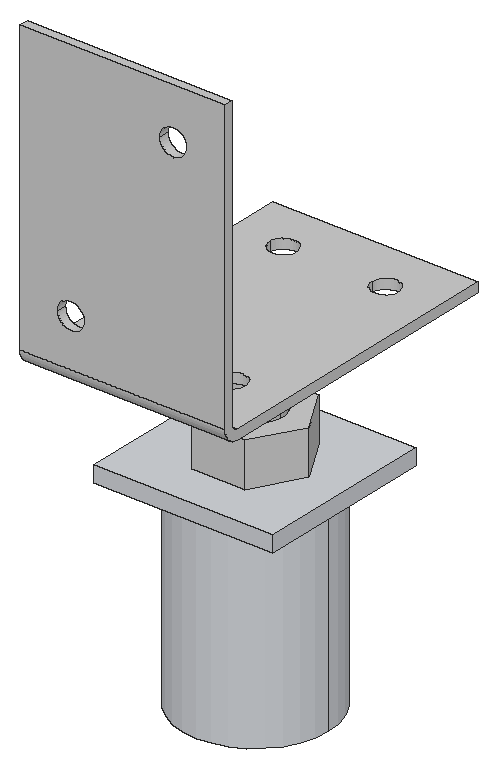
Revit family "Tete ajustable_L", category Modèles génériques, Revit 2017
Family settings
  Peut héberger une armature = Non
  Cote de connecteur circulaire = Utiliser le diamètre
  Type d'élément = Normal
  Basée sur le plan de construction = Oui
  Toujours verticalement = Non
  Couper avec des vides une fois chargée = Non
  Partagée = Non
  Point de calcul de pièce = Non
Parameters
  Default Elevation = 48"
Reference planes (in)
  plane 1 "Centre (avant/arrière)": y = 0
  plane 2: z = 0
  plane 3 "Centre (gauche/droite)": x = 0
Forms (in)
  Extrusion 1, solid, material "Acier"
    sketch origin (2, -11.11198, 8.57542) x (0, 0, 1) y (0, 1, 0)
      loop
        line (-8.76292, 17.11198) -> (-8.76292, 11.23851)
        arc (-8.76292, 11.23851) -> (-8.67094, 11.01646) -> (-8.44889, 10.92448) r 0.31403
        line (-8.44889, 10.92448) -> (-2.76292, 10.92448) -> (-2.76292, 11.11198) -> (-8.44889, 11.11198)
        arc (-8.44889, 11.11198) -> (-8.53836, 11.14904) -> (-8.57542, 11.23851) r 0.12653
        line (-8.57542, 11.23851) -> (-8.57542, 17.11198) -> (-8.76292, 17.11198)
    from 0 to 4
  Extrusion 2, void
    sketch origin (0, 0, -0.1875) x (1, 0, 0) y (0, 1, 0)
      loop
        circle (-1, 1.25) r 0.26563
      loop
        circle (1, 5) r 0.26563
    from 0 to 0.1875
  Extrusion 3, void
    sketch origin (0, 0, -0.1875) x (1, 0, 0) y (0, 0, 1)
      loop
        circle (1, 5) r 0.26562
      loop
        circle (-1, 1.25) r 0.26562
    from 0 to 0.1875
  Extrusion 4, solid, material "Acier"
    sketch origin (0, 0, -0.1875) x (1, 0, 0) y (0, 1, 0)
      loop
        line (-0.52178, 3.96701) -> (-1.04356, 3.06326) -> (-0.52178, 2.15951) -> (0.52178, 2.15951) -> (1.04356, 3.06326) -> (0.52178, 3.96701) -> (-0.52178, 3.96701)
      loop
        circle (0, 3.06326) r 0.53901
    from -1.41337 to -2.2822
  Extrusion 5, solid, material "Acier"
    sketch origin (0, 0, -0.1875) x (1, 0, 0) y (0, 1, 0)
      loop
        circle (0, 3.06326) r 0.5
    from 0 to -4.82085
  Sweep 6, solid, material "Soudure"
    path origin (0, 0, -0.1875) x (1, 0, 0) y (0, 1, 0)
      loop
        circle (0, 3.06326) r 0.5
    profile origin (0, 3.56326, -0.1875) x (0, -1, 0) y (0, 0, 1)
      loop
        line (0, 0) -> (-0.25, 0) -> (0, -0.25) -> (0, 0)
  Extrusion 7, void
    sketch origin (0, 0, -0.1875) x (-1, 0, 0) y (0, -1, 0)
      loop
        circle (-1, -1.25) r 0.26563
      loop
        circle (1, -5) r 0.26563
    from 0 to 0.1875
  Extrusion 8, solid
    sketch origin (0, 0, -2.7822) x (-1, 0, 0) y (0, 1, 0)
      loop
        circle (0, 3.06326) r 1.4375
      loop
        circle (0, 3.06326) r 1.23438
    from 0 to 4
  Extrusion 9, solid
    sketch origin (0, 0, -2.4697) x (0, 1, 0) y (1, 0, 0)
      loop
        line (4.81326, -1.75) -> (4.81326, 1.75) -> (1.31326, 1.75) -> (1.31326, -1.75) -> (4.81326, -1.75)
      loop
        circle (3.06326, 0) r 0.5625
    from 0 to 0.3125
Cuts and joins
  Extrusion 2, Extrusion 3, Extrusion 7 cuts Extrusion 1
